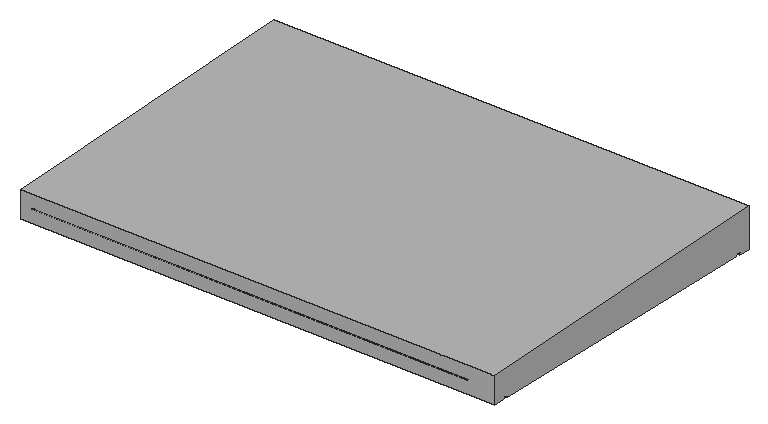
Revit family "WC428 Feather Edge", category Generic Models, Revit 2020
Family settings
  Can host rebar = No
  Round Connector Dimension = Use Diameter
  Part Type = Normal
  Work Plane-Based = No
  Always vertical = Yes
  Cut with Voids When Loaded = No
  Shared = No
  Room Calculation Point = No
Parameters
  Weight = "84Kg"
  Warranty Guarantor Parts = "n/a"
  Warranty Guarantor Labour = "n/a"
  Warranty Duration Unit = "n/a"
  Warranty Duration Parts = "n/a"
  Warranty Duration Labour = "n/a"
  Warranty Description = "n/a"
  Unit Width [instance] = 610 mm
  Unit Length [instance] = 914 mm
  Unit Height [instance] = 75 mm
  URL = "www.killeshal.com"
  Types = "Single"
  Type Comments = "Visit our website for a full list of available products."
  Sustainability Performance = "n/a"
  Structural Class = "n/a"
  Span = "Unit Length"
  Slope = "0.00°"
  Size = "610mm x 75 to 50mm"
  Shape = "As per drawing"
  Service Life = "0.000000"
  Serial Number = "n/a"
  Resistance to Fire = "n/a"
  Replacement Cost = "n/a"
  Reference = "n/a"
  Notified Body = "n/a"
  Nominal Cover to Main Bar = "n/a"
  Model = "W/C 428 Wall Cap."
  Mechanical Resistance = "n/a"
  Manufacturer = "Killeshal Precast Concrete Ltd."
  Load Bearing = no
  Life Cycle Environmental Load = "n/a"
  Length Options = "Stock size 914mm."
  Keynote = "The information contained is the sole property of KPC Ltd., any reproduction in part or whole without permission of KPC Ltd. is prohibited."
  Environmental Product Declaration = "n/a"
  Environmental Class = "n/a"
  Durability against Corrosion = "n/a"
  Dimension Accuracy Class = "n/a"
  Detailing = "As per design specification and product drawings."
  Description = "24\" Feather Edge Wall Cap"
  Default Elevation = 0 mm
  Dangerous Substances = "n/a"
  Contact Tel = "0035357 9353018"
  Contact Email = "sales@killeshal.com"
  Construction Type = "Precast"
  Construction Tolerance Class = "n/a"
  Compressive Strength of Concrete = "n/a"
  Characteristics of Reinforcing Steel = "n/a"
  Characteristics Deflection Under Load = "n/a"
Reference planes
  plane 1 "Center (Front/Back)": y = 0
  plane 2: z = 0
  plane 3 "Center (Left/Right)": x = 0
  plane 4 "Rear": y = 305
  plane 5 "Front": y = -305
  plane 6 "Top": z = 75
  plane 7 "Center L/T": z = 50
  plane 8 "Center L/Y": y = 280
  plane 9 "Center L/Z": y = -280
Forms (mm)
  Extrusion 1, solid, material "Precast Concrete (KPC)"
    sketch origin (0, 0, 0) x (0, 1, 0) y (0, 0, 1)
      loop
        line (-305, 50) -> (-305, 0) -> (-285, 0)
        arc (-285, 0) -> (-280, 5) -> (-275, 0) r 5
        line (-275, 0) -> (275, 0)
        arc (275, 0) -> (280, 5) -> (285, 0) r 5
        line (285, 0) -> (305, 0) -> (305, 75) -> (-305, 50)
    from 0 to 914
Dimensions and locks
  "Unit Length": Extrusion 1 to Extrusion 1
  "Unit Width": Extrusion 1 to Extrusion 1
  "Unit Height": plane 6 "Top" to Extrusion 1
  plane 7 "Center L/T" to level = 50 mm
  aligned and locked: level to plane 2
Automatic sketch dimensions
  Extrusion 1 sketch curve to plane 5 "Front" = 0 mm
  Extrusion 1 sketch curve to level = 0 mm
  Extrusion 1 sketch curve to plane 9 "Center L/Z" = 0 mm
  Extrusion 1 sketch curve to plane 8 "Center L/Y" = 0 mm
  Extrusion 1 sketch curve to plane 4 "Rear" = 0 mm
  Extrusion 1 sketch curve to plane 7 "Center L/T" = 0 mm
  Extrusion 1 sketch curve to plane 6 "Top" = 0 mm
  Extrusion 1 sketch curve to Extrusion 1 sketch curve = 5 mm  (x2)
